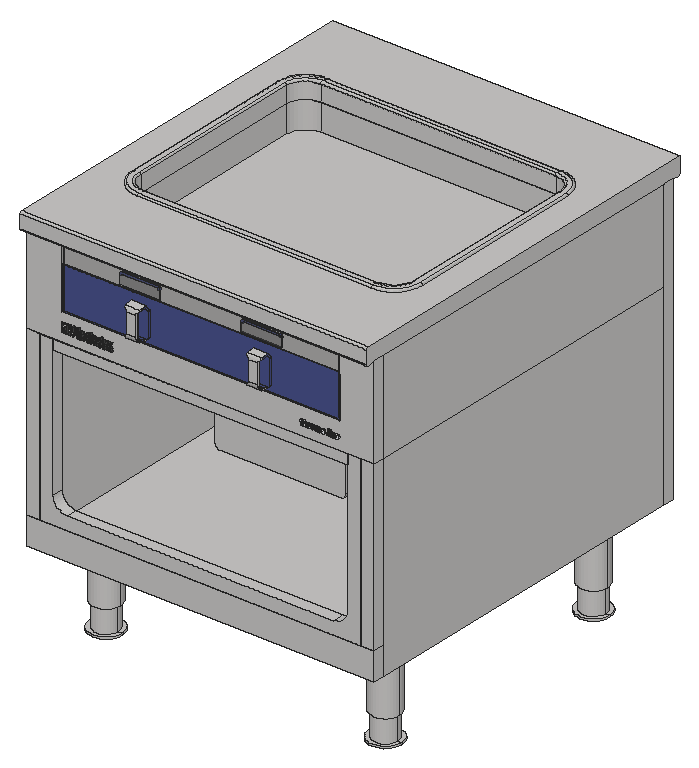
Revit family "QF_ELECTROLUXPROFESSIONAL_589819_MCAHEAH1DM", category Attrezzature speciali, Revit 2021
Family settings
  Quota connettore circolare = Usa diametro
  Tipo di parte = Normale
  Basato su piano di lavoro = No
  Sempre verticale = Sì
  Taglio con vuoti quando caricato = No
  Condiviso = No
  Punto di calcolo locali = No
Parameters (values of type "Standard")
  Weight = 150.00 kg
  Watts = 10200 W
  Volts = 440 V
  URL Manufacturer = "https://www.electroluxprofessional.com/"
  URL = "https://www.electroluxprofessional.com/"
  Steam Supply Size = 0"
  Steam Supply Minimum Pressure = 0.00 psi
  Steam Supply Maximum Pressure = 0.00 psi
  Steam Consumption per Hour = 0
  Refrigeration Suction Line Size = 0 mm
  Refrigeration Liquid Line Size = 0 mm
  Refrigerant Compressor Remote = yes
  Prospetto di default = 0 mm
  Phase = 3
  Modello = "MCAHEAH1DM"
  Produttore = "Electrolux Professional"
  Length Actual = 800 mm  # constant formula
  Item Number = "589819"
  Hot Water Size = 0"
  Height Actual = 700 mm  # constant formula
  HP = "13.7 HP"
  Gas Size = 0"
  Gas KW = 0
  Gas Input Pressure = 0.0 Btu/h
  Direct Waste Size = 0"
  Descrizione = "MULTIBRAISER 2/1GN,1S,800X900X700-H3-MAR"
  Depth Actual = 900 mm  # constant formula
  Cycle = 50 Hz
  Condensate Return Size = 0"
  Compressed Air Volume = 0 GPM
  Compressed Air Size = 0"
  Compressed Air Pressure = 0.00 psi
  Cold Water Size = 0"
  Accessory = yes
Reference planes
  plane 1 "BACK": y = 0
  plane 2: z = 0
  plane 3 "LEFT": x = 0
  plane 4 "RIGHT": x = 800
  plane 5 "FRONT": y = -900
  plane 6 "TOP": z = 900
  plane 7 "Center (Left/Right)": x = 400
  plane 8 "Center (Front/Back)": y = -425
  plane 9: y = -150
  plane 10: y = -65
  plane 11: y = -840
  plane 12 "EIY": y = -685
  plane 13: z = 938
  plane 14 "BaseTop": z = 650
  plane 15: y = -855
  plane 16 "Camino": y = -50
  plane 17 "EIx": x = 755
  plane 18: z = 1131
  plane 19 "PlaneRibbed": through (-6096, -65, 890) normal (0, -0.0251, 0.9997)
  plane 20 "Base": z = 200
Forms (mm)
  Extrusion 1, solid, material "QF_Finishes_Stainless Steel"
    sketch origin (-178.969, -4572, 100) x (-1, 0, 0) y (0, -1, 0)
      loop
        line (-178.969, -4527) -> (-178.969, -3717) -> (-978.969, -3717) -> (-978.969, -4527) -> (-178.969, -4527)
    from 550 to 762.969
  Extrusion 2, solid, material "QF_Finishes_Stainless Steel"
    sketch origin (400, 296.4, 1219.2) x (0, 1, 0) y (0, 0, 1)
      loop
        line (-296.4, -319.2) -> (-1191.4, -319.2)
        arc (-1191.4, -319.2) -> (-1194.935, -320.664) -> (-1196.4, -324.2) r 5
        line (-1196.4, -324.2) -> (-1196.4, -355.2)
        arc (-1196.4, -355.2) -> (-1194.971, -358.264) -> (-1191.705, -359.139) r 4
        line (-1191.705, -359.139) -> (-1176.4, -356.231) -> (-316.4, -356.231) -> (-301.094, -359.139)
        arc (-301.094, -359.139) -> (-297.829, -358.264) -> (-296.4, -355.2) r 4
        line (-296.4, -355.2) -> (-296.4, -319.2)
    from -400 to 400
  Extrusion 3, void
    sketch origin (0, -30, 900) x (-1, 0, 0) y (0, -1, 0)
      loop
        arc (-130, 165) -> (-98.18, 178.18) -> (-85, 210) r 45
        line (-85, 210) -> (-85, 630)
        arc (-85, 630) -> (-98.18, 661.82) -> (-130, 675) r 45
        line (-130, 675) -> (-670, 675)
        arc (-670, 675) -> (-701.82, 661.82) -> (-715, 630) r 45
        line (-715, 630) -> (-715, 210)
        arc (-715, 210) -> (-701.82, 178.18) -> (-670, 165) r 45
        line (-670, 165) -> (-130, 165)
    from 0 to -100
  Extrusion 4, solid, material "QF_Finishes_Stainless Steel"
    sketch origin (0, -50, 200) x (-1, 0, 0) y (0, -1, 0)
      loop
        circle (-755, 635) r 10.1
    from 0 to -10
  Extrusion 5, void
    sketch origin (568.053, 99, 900) x (-1, 0, 0) y (0, -1, 0)
      loop
        circle (-94.991, 746) r 31.6
    from -250 to 0
  Extrusion 6, solid, material "QF_Finishes_Stainless Steel"
    sketch origin (111.908, -425, 0) x (-1, 0, 0) y (0, 0, 1)
      loop
        line (-264.372, 616.232) -> (-236.622, 616.232)
        arc (-236.622, 616.232) -> (-235.738, 615.866) -> (-235.372, 614.982) r 1.25
        line (-235.372, 614.982) -> (-235.372, 584.482)
        arc (-235.372, 584.482) -> (-235.738, 583.598) -> (-236.622, 583.232) r 1.25
        line (-236.622, 583.232) -> (-249.372, 583.232) -> (-249.372, 582.232) -> (-236.622, 582.232)
        arc (-236.622, 582.232) -> (-235.031, 582.891) -> (-234.372, 584.482) r 2.25
        line (-234.372, 584.482) -> (-234.372, 614.982)
        arc (-234.372, 614.982) -> (-235.031, 616.573) -> (-236.622, 617.232) r 2.25
        line (-236.622, 617.232) -> (-264.372, 617.232) -> (-264.372, 616.232)
      loop
        line (-537.372, 616.232) -> (-537.372, 617.232) -> (-565.122, 617.232)
        arc (-565.122, 617.232) -> (-566.713, 616.573) -> (-567.372, 614.982) r 2.25
        line (-567.372, 614.982) -> (-567.372, 584.482)
        arc (-567.372, 584.482) -> (-566.713, 582.891) -> (-565.122, 582.232) r 2.25
        line (-565.122, 582.232) -> (-552.372, 582.232) -> (-552.372, 583.232) -> (-565.122, 583.232)
        arc (-565.122, 583.232) -> (-566.006, 583.598) -> (-566.372, 584.482) r 1.25
        line (-566.372, 584.482) -> (-566.372, 614.982)
        arc (-566.372, 614.982) -> (-566.006, 615.866) -> (-565.122, 616.232) r 1.25
        line (-565.122, 616.232) -> (-537.372, 616.232)
    from -365 to 360
  Extrusion 7, solid, material "QF_Finishes_Stainless Steel"
    sketch origin (111.908, -425, 0) x (-1, 0, 0) y (0, 0, 1)
      loop
        line (-249.872, 583.232) -> (-238.372, 583.232) -> (-238.372, 584.232) -> (-244.372, 590.232) -> (-557.372, 590.232) -> (-563.372, 584.232) -> (-563.372, 583.232) -> (-551.872, 583.232) -> (-551.872, 501.232)
        arc (-551.872, 501.232) -> (-548.65, 493.454) -> (-540.872, 490.232) r 11
        line (-540.872, 490.232) -> (-260.872, 490.232)
        arc (-260.872, 490.232) -> (-253.094, 493.454) -> (-249.872, 501.232) r 11
        line (-249.872, 501.232) -> (-249.872, 583.232)
    from -365 to 360
  Extrusion 8, void
    sketch origin (111.908, -425, 0) x (-1, 0, 0) y (0, 0, 1)
      loop
        line (-254.872, 501.232) -> (-254.872, 590.232) -> (-546.872, 590.232) -> (-546.872, 506.232)
        arc (-546.872, 506.232) -> (-543.65, 498.454) -> (-535.872, 495.232) r 11
        line (-535.872, 495.232) -> (-260.872, 495.232)
        arc (-260.872, 495.232) -> (-256.629, 496.99) -> (-254.872, 501.232) r 6
    from -350 to 355
  Extrusion 9, solid, material "QF_Finishes_Stainless Steel"
    sketch origin (0, -425, 0) x (-1, 0, 0) y (0, 0, 1)
      loop
        line (-690, 617.232) -> (-109.949, 617.232) -> (-109.949, 627) -> (-690, 627) -> (-690, 617.232)
    from -365 to -351.075
  Extrusion 10, solid, material "QF_Finishes_Stainless Steel"
    sketch origin (400, 296.4, 1219.2) x (0, 1, 0) y (0, 0, 1)
      loop
        line (-341.4, -1019.2) -> (-316.4, -1019.2) -> (-316.4, -356.231) -> (-341.4, -356.231) -> (-341.4, -1019.2)
    from -400 to 400
  Sweep 11, solid, material "QF_Finishes_Stainless Steel"
    path origin (0, 0, 900) x (-1, 0, 0) y (0, -1, 0)
      loop
        line (-85, 240) -> (-85, 660)
        arc (-85, 660) -> (-98.18, 691.82) -> (-130, 705) r 45
        line (-130, 705) -> (-670, 705)
        arc (-670, 705) -> (-701.82, 691.82) -> (-715, 660) r 45
        line (-715, 660) -> (-715, 240)
        arc (-715, 240) -> (-701.82, 208.18) -> (-670, 195) r 45
        line (-670, 195) -> (-130, 195)
        arc (-130, 195) -> (-98.18, 208.18) -> (-85, 240) r 45
    profile origin (85, -450, 900) x (1, 0, 0) y (0, 0, 1)
      loop
        arc (0, 0) -> (-1.172, 2.828) -> (-4, 4) r 4
        line (-4, 4) -> (-15, 4)
        arc (-15, 4) -> (-17.828, 2.828) -> (-19, 0) r 4
        line (-19, 0) -> (0, 0)
  Extrusion 12, void
    sketch origin (0, -30, 900) x (-1, 0, 0) y (0, -1, 0)
      loop
        arc (-130, 165) -> (-98.18, 178.18) -> (-85, 210) r 45
        line (-85, 210) -> (-85, 630)
        arc (-85, 630) -> (-98.18, 661.82) -> (-130, 675) r 45
        line (-130, 675) -> (-670, 675)
        arc (-670, 675) -> (-701.82, 661.82) -> (-715, 630) r 45
        line (-715, 630) -> (-715, 210)
        arc (-715, 210) -> (-701.82, 178.18) -> (-670, 165) r 45
        line (-670, 165) -> (-130, 165)
    from 0 to -100
Cuts and joins
  Extrusion 3, Extrusion 5, Extrusion 12 cuts Extrusion 2
  Extrusion 8 cuts Extrusion 7
  Extrusion 5, Extrusion 12 cuts Extrusion 1
Lines and regions (mm)
  symbolic lines
    curve 1: line (0, 0, 100) -> (800, 0, 100)
    curve 2: line (0, -900, 100) -> (0, 0, 100)
    curve 3: line (800, -900, 100) -> (0, -900, 100)
    curve 4: line (800, 0, 100) -> (800, -900, 100)
    curve 5: circle (663.019, -647, 900) r 31.6 normal (0, 0, 1)
    curve 6: arc (130, -195, 900) -> (98.18, -208.18, 900) -> (85, -240, 900) r 45
    curve 7: arc (130, -176, 900) -> (84.745, -194.745, 900) -> (66, -240, 900) r 64
    curve 8: line (670, -195, 900) -> (130, -195, 900)
    curve 9: line (670, -176, 900) -> (130, -176, 900)
    curve 10: line (85, -240, 900) -> (85, -660, 900)
    curve 11: line (66, -240, 900) -> (66, -660, 900)
    curve 12: arc (66, -660, 900) -> (84.745, -705.255, 900) -> (130, -724, 900) r 64
    curve 13: arc (85, -660, 900) -> (98.18, -691.82, 900) -> (130, -705, 900) r 45
    curve 14: line (130, -724, 900) -> (670, -724, 900)
    curve 15: line (130, -705, 900) -> (670, -705, 900)
    curve 16: arc (670, -724, 900) -> (715.255, -705.255, 900) -> (734, -660, 900) r 64
    curve 17: arc (670, -705, 900) -> (701.82, -691.82, 900) -> (715, -660, 900) r 45
    curve 18: line (734, -660, 900) -> (734, -240, 900)
    curve 19: line (715, -660, 900) -> (715, -240, 900)
    curve 20: arc (715, -240, 900) -> (701.82, -208.18, 900) -> (670, -195, 900) r 45
    curve 21: arc (734, -240, 900) -> (715.255, -194.745, 900) -> (670, -176, 900) r 64
Dimensions and locks
  plane 3 "LEFT" to plane 4 "RIGHT" = 800 mm
  plane 5 "FRONT" to plane 1 "BACK" = 900 mm
  plane 3 "LEFT" to plane 7 "Center (Left/Right)" to plane 4 "RIGHT" = 400 mm, 400 mm
  plane 5 "FRONT" to plane 8 "Center (Front/Back)" to plane 1 "BACK" = 475 mm, 425 mm
  plane 6 "TOP" to level = 900 mm  (x2)
  plane 1 "BACK" to plane 9 = 150 mm
  plane 12 "EIY" to plane 1 "BACK" = 685 mm
  plane 13 to plane 6 "TOP" = 38 mm
  plane 10 to plane 1 "BACK" = 65 mm
  plane 5 "FRONT" to plane 11 = 60 mm
  locked: plane 6 "TOP" to plane 14 "BaseTop" at 250
  locked: plane 15 to plane 5 "FRONT" at 45
  plane 16 "Camino" to plane 1 "BACK" = 50 mm
  plane 17 "EIx" to plane 4 "RIGHT" = 45 mm
  plane 18 to plane 6 "TOP" = 231 mm
  plane 20 "Base" to level = 200 mm
  aligned and locked: level to plane 2
  aligned and locked: cut or joined group of Extrusion 2, Extrusion 3, Extrusion 5, Extrusion 12 to plane 3 "LEFT"
  aligned and locked: cut or joined group of Extrusion 2, Extrusion 3, Extrusion 5, Extrusion 12 to plane 4 "RIGHT"
  aligned and locked: nested 1 to plane 15
  aligned and locked: Extrusion 1 to plane 15
  aligned and locked: plane 3 "LEFT" to nested 1
  aligned and locked: Extrusion 1 to nested 2
  aligned and locked: nested 4 to plane 9
  aligned and locked: nested 3 to plane 9
Nested families
  nested 1: "Front_Panel_W800_2 Knobs" at (202.376, -855, 0), type "Front_Panel_W800_2 Knobs"
  nested 2: "QF_ELECTROLUXPROFESSIONAL_589819_BASE" at (0, 0, 0), type "QF_ELECTROLUXPROFESSIONAL_589819_BASE"
    with Type Mark "", Specification by User "", Revision Code "", Item Number "", Installed By "", Identify Quantity as Lot yes, Furnished By "", Foodservice Equipment Identifier yes
  nested 3: "FEET200_MARINE" at (722, -150, 0), type "FEET200_MARINE"
  nested 4: "FEET200_MARINE" at (78, -150, 0), type "FEET200_MARINE"
  nested 5: "FEET200_MARINE" at (722, -750, 0), type "FEET200_MARINE"
  nested 6: "FEET200_MARINE" at (78, -750, 0), type "FEET200_MARINE"
Connectors
  electrical at (755, -685, 190), driven by "Volts"
    settings: on Extrusion 4, index 1, voltage 440 V, apparent load 0 VA, apparent load phase1 0 VA, apparent load phase2 0 VA, apparent load phase3 0 VA, power factor 1, load classification "Other", number of poles 1, system type 30, power factor state 1, is connector primary yes, connector utility no, sub classification motor no, connector description "Electrical Connection"
Definition of nested family "Front_Panel_W800_2 Knobs"
  Parameters
    Default Elevation = 0 mm
  Reference planes
    plane 1 "Center (Front/Back)": y = 0
    plane 2: z = 0
    plane 3 "Center (Left/Right)": x = 197.624
    plane 4 "Left": x = -202.376
    plane 5 "Right": x = 597.624
    plane 6: y = -45
    plane 7: x = 127.624
    plane 8: x = 57.624
    plane 9: x = 337.624
    plane 10: x = 517.624
    plane 11: x = -122.376
    plane 12 "Panel": y = -25
  Forms (mm)
    Extrusion 1, solid
      sketch origin (833.217, 829.203, -1.25) x (0, 1, 0) y (0, 0, 1)
        loop
          line (-854.203, 651.25) -> (-829.203, 651.25) -> (-829.203, 864.25) -> (-854.203, 864.25) -> (-854.203, 651.25)
      from -1035.593 to -235.593
    Extrusion 2, void
      sketch origin (0, 0, 0) x (1, 0, 0) y (0, 0, 1)
        loop
          line (-122.376, 853.866) -> (-122.376, 711.866) -> (517.624, 711.866) -> (517.624, 853.866) -> (-122.376, 853.866)
      from 19.387 to 33.951
  Cuts and joins
    Extrusion 2 cuts Extrusion 1
  Dimensions and locks
    equal spacing: plane 5 "Right", plane 3 "Center (Left/Right)", plane 4 "Left"
    plane 5 "Right" to plane 4 "Left" = 800 mm
    plane 3 "Center (Left/Right)" to plane 7 = 70 mm
    plane 9 to plane 3 "Center (Left/Right)" = 140 mm
    plane 3 "Center (Left/Right)" to plane 8 = 140 mm
    aligned and locked: cut or joined group of Extrusion 1, Extrusion 2 to plane 4 "Left"
    aligned and locked: plane 5 "Right" to cut or joined group of Extrusion 1, Extrusion 2
    aligned and locked: plane 3 "Center (Left/Right)" to nested 1
    aligned and locked: cut or joined group of Extrusion 1, Extrusion 2 to nested 1
    aligned and locked: nested 5 to plane 11
  Automatic sketch dimensions
    Extrusion 1 sketch curve to plane 1 "Center (Front/Back)" = 0 mm
    level to Extrusion 1 sketch curve = 650 mm
    plane 4 "Left" to Extrusion 2 sketch curve = 80 mm
    Extrusion 2 sketch curve to plane 5 "Right" = 80 mm
    level to Extrusion 2 sketch curve = 711.866 mm
    Extrusion 2 sketch curve to Extrusion 2 sketch curve = 142 mm
    Extrusion 1 sketch curve to plane 6 = 20 mm
    Extrusion 1 sketch curve to Extrusion 1 sketch curve = 213 mm
  Nested families
    nested 1: "Front glass control panel W800_Two" at (197.624, 280.644, 2.752), type "Front glass control panel W800_Two"
    nested 2: "Range Control Handle" at (57.851, -28.137, -209.113) x (-1, 0, 0) z (0, 0, 1), type "Range Control Handle"
    nested 3: "Range Control Handle" at (337.624, -28.137, -209.113), type "Range Control Handle"
    nested 4: "ELX_ThermaLine_Small" at (469.031, -25, 679.402) x (1, 0, 0) z (0, -1, 0), type "ELX_ThermaLine_Small"
      with Show Logo yes, Material_Logo none
    nested 5: "ELX_Professional_Logo_Small" at (-62.89, -25, 681.634) x (1, 0, 0) z (0, -1, 0), type "ELX_Professional_Logo_Small"
      with Show Logo yes, Material_Logo none
  Definition of nested family "Front glass control panel W800_Two"
    Parameters
      Default Elevation = 0 mm
    Reference planes
      plane 1 "Center (Front/Back)": y = 0
      plane 2: z = 0
      plane 3 "Center (Left/Right)": x = 0
      plane 4: x = -140
      plane 5: x = 140
    Forms (mm)
      Extrusion 1, solid
        sketch origin (378.286, 0, 0.617) x (1, 0, 0) y (0, 0, 1)
          loop
            line (-698.286, 806.791) -> (-698.286, 708.497) -> (-58.286, 708.497) -> (-58.286, 806.791) -> (-698.286, 806.791)
        from 300.031 to 304.8
      Extrusion 2, solid
        sketch origin (378.286, 0, 0.617) x (1, 0, 0) y (0, 0, 1)
          loop
            line (-698.286, 850.497) -> (-698.286, 806.791) -> (-58.286, 806.791) -> (-58.286, 850.497) -> (-698.286, 850.497)
        from 300.031 to 304.8
      Extrusion 3, void
        sketch origin (378.286, 0, 0.617) x (1, 0, 0) y (0, 0, 1)
          loop
            line (-695.628, 847.565) -> (-695.628, 710.699) -> (-61.196, 710.699) -> (-61.196, 847.565) -> (-695.628, 847.565)
        from 303.697 to 304.8
      Extrusion 4, solid
        sketch origin (-448.309, 1.101, -0.633) x (-1, 0, 0) y (0, 0, -1)
          loop
            line (-261.431, -812.62) -> (-355.186, -812.62) -> (-355.186, -834.177) -> (-350.269, -834.177) -> (-348.469, -835.977) -> (-268.039, -835.977) -> (-266.24, -834.177) -> (-261.431, -834.177) -> (-261.431, -812.62)
        from 304.798 to 306.745
      Extrusion 5, solid
        sketch origin (-448.309, 1.101, -0.633) x (-1, 0, 0) y (0, 0, -1)
          loop
            line (-350.269, -834.177) -> (-355.078, -834.177)
            arc (-355.078, -834.177) -> (-353.942, -838.747) -> (-349.686, -840.763) r 5.5
            line (-349.686, -840.763) -> (-266.98, -840.763)
            arc (-266.98, -840.763) -> (-262.706, -838.752) -> (-261.529, -834.177) r 5.549
            line (-261.529, -834.177) -> (-266.24, -834.177) -> (-268.039, -835.977) -> (-348.469, -835.977) -> (-350.269, -834.177)
        from 304.798 to 306.745
      Extrusion 6, solid
        sketch origin (448.309, 1.101, -0.633) x (1, 0, 0) y (0, 0, 1)
          loop
            line (-261.431, 812.62) -> (-261.431, 834.177) -> (-266.24, 834.177) -> (-268.039, 835.977) -> (-348.469, 835.977) -> (-350.269, 834.177) -> (-355.186, 834.177) -> (-355.186, 812.62) -> (-261.431, 812.62)
        from 304.798 to 306.745
      Extrusion 7, solid
        sketch origin (448.309, 1.101, -0.633) x (1, 0, 0) y (0, 0, 1)
          loop
            line (-350.269, 834.177) -> (-348.469, 835.977) -> (-268.039, 835.977) -> (-266.24, 834.177) -> (-261.529, 834.177)
            arc (-261.529, 834.177) -> (-262.706, 838.752) -> (-266.98, 840.763) r 5.549
            line (-266.98, 840.763) -> (-349.686, 840.763)
            arc (-349.686, 840.763) -> (-353.942, 838.747) -> (-355.078, 834.177) r 5.5
            line (-355.078, 834.177) -> (-350.269, 834.177)
        from 304.798 to 306.745
    Cuts and joins
      Extrusion 3 cuts Extrusion 1
      Extrusion 3 cuts Extrusion 2
    Dimensions and locks
      plane 3 "Center (Left/Right)" to plane 4 = 140 mm
      plane 5 to plane 3 "Center (Left/Right)" = 140 mm
      aligned and locked: Extrusion 1 to Extrusion 2
      aligned and locked: Extrusion 5 sketch curve to Extrusion 4  (x5)
      aligned and locked: Extrusion 5 to Extrusion 4
      aligned and locked: Extrusion 7 sketch curve to Extrusion 6  (x4)
      aligned and locked: Extrusion 6 to Extrusion 7 sketch curve
      aligned and locked: Extrusion 7 to Extrusion 6
  Definition of nested family "Range Control Handle"
    Parameters
      Default Elevation = 0 mm
    Reference planes
      plane 1 "Center (Front/Back)": y = 0
      plane 2: z = 0
      plane 3 "Center (Left/Right)": x = 0
      plane 4: z = 971.092
      plane 5: y = -16.9
    Forms (mm)
      Extrusion 1, solid
        sketch origin (-746.28, 380.497, 208.931) x (-1, 0, 0) y (0, 0, 1)
          loop
            line (-770.101, 786.798) -> (-770.101, 731.649)
            arc (-770.101, 731.649) -> (-769.759, 730.563) -> (-768.855, 729.87) r 1.893
            line (-768.855, 729.87) -> (-763.474, 727.911) -> (-729.81, 727.911) -> (-724.428, 729.87)
            arc (-724.428, 729.87) -> (-723.525, 730.563) -> (-723.183, 731.649) r 1.893
            line (-723.183, 731.649) -> (-723.183, 786.798)
            arc (-723.183, 786.798) -> (-723.529, 787.894) -> (-724.44, 788.593) r 1.91
            line (-724.44, 788.593) -> (-729.683, 790.819) -> (-763.601, 790.819) -> (-768.844, 788.593)
            arc (-768.844, 788.593) -> (-769.755, 787.894) -> (-770.101, 786.798) r 1.91
        from -382.35 to -378.852
      Sweep 2, solid
        path origin (-746.788, 380.496, 208.091) x (0, -1, 0) y (0, 0, 1)
          loop
            line (379.775, 793.281) -> (395.661, 791.048)
            arc (395.661, 791.048) -> (397.781, 787.377) -> (398.517, 783.202) r 12.207
            line (398.517, 783.202) -> (398.517, 737.368)
            arc (398.517, 737.368) -> (397.781, 733.193) -> (395.661, 729.522) r 12.207
            line (395.661, 729.522) -> (379.775, 727.289)
        profile origin (-746.788, -7.222, 1000.256) x (0, -0.139173, 0.990268) y (-1, 0, 0)
          loop
            line (0.782, -763.123) -> (0.782, -730.907) -> (-1.322, -730.907) -> (-1.322, -763.123) -> (0.782, -763.123)
      Sweep 3, solid
        path origin (-746.788, 380.715, 207.832) x (0, -1, 0) y (0, 0, 1)
          loop
            line (380.478, 795.442) -> (397.218, 793.09)
            arc (397.218, 793.09) -> (399.929, 788.473) -> (400.871, 783.202) r 15.207
            line (400.871, 783.202) -> (400.871, 737.584)
            arc (400.871, 737.584) -> (399.914, 732.274) -> (397.164, 727.633) r 15.207
            line (397.164, 727.633) -> (380.601, 725.305)
        profile origin (-746.788, -8.132, 1002.099) x (0, -0.139173, 0.990268) y (-1, 0, 0)
          loop
            line (0.782, -763.123) -> (0.782, -730.907) -> (-1.322, -730.907) -> (-1.322, -763.123) -> (0.782, -763.123)
      Extrusion 4, void
        sketch origin (889.253, 220.666, 207.993) x (1, 0, 0) y (0, 0, 1)
          loop
            line (-943.038, 816.854) -> (-943.038, 703.686) -> (-899.466, 734.196) -> (-899.466, 786.344) -> (-943.038, 816.854)
        from 230.636 to 242.25
      Extrusion 5, void
        sketch origin (-888.8, 220.666, 207.993) x (-1, 0, 0) y (0, 0, -1)
          loop
            line (-943.038, -816.854) -> (-899.466, -786.344) -> (-899.466, -734.196) -> (-943.038, -703.686) -> (-943.038, -816.854)
        from 230.636 to 242.25
      Extrusion 6, solid
        sketch origin (0, 0, 0) x (1, 0, 0) y (0, 0, 1)
          loop
            circle (0, 971.092) r 7.736
        from -3.137 to -1.645
    Cuts and joins
      Extrusion 4, Extrusion 5 cuts Sweep 3
      Extrusion 4, Extrusion 5 cuts Sweep 2
      joined: Extrusion 1, Extrusion 6
    Lines and regions (mm)
      symbolic lines
        curve 1: line (16.334, -16.9, 0) -> (16.334, -19.227, 0)
        curve 2: spline (16.334, -19.227, 0) -> (15.87, -19.385, 0) -> (15.404, -19.536, 0) -> (14.936, -19.678, 0) -> (14.466, -19.813, 0) -> (13.995, -19.94, 0) -> (13.523, -20.059, 0) -> (13.049, -20.171, 0) -> (12.575, -20.274, 0) -> (12.099, -20.37, 0) -> (11.622, -20.458, 0) -> (11.144, -20.537, 0) -> (10.666, -20.609, 0)
        curve 3: line (10.666, -16.9, 0) -> (10.666, -20.938, 0)
        curve 4: line (-10.213, -20.938, 0) -> (10.666, -20.938, 0)
        curve 5: line (-10.213, -20.938, 0) -> (-10.213, -16.9, 0)
        curve 6: spline (-10.213, -20.609, 0) -> (-10.691, -20.537, 0) -> (-11.169, -20.458, 0) -> (-11.646, -20.37, 0) -> (-12.122, -20.274, 0) -> (-12.597, -20.171, 0) -> (-13.07, -20.059, 0) -> (-13.542, -19.94, 0) -> (-14.013, -19.813, 0) -> (-14.483, -19.678, 0) -> (-14.951, -19.536, 0) -> (-15.417, -19.385, 0) -> (-15.881, -19.227, 0)
        curve 7: line (-15.881, -19.227, 0) -> (-15.881, -16.9, 0)
  Definition of nested family "ELX_ThermaLine_Small"
    Parameters
      Show Logo [instance] = yes
      Material_Logo [instance] = none
      Default Elevation = 0 mm
    Reference planes
      plane 1 "Centro (Fronte/Retro)": y = 0
      plane 2: z = 0
      plane 3 "Centro (Sinistra/Destra)": x = 0
    Forms (mm)
      Extrusion 1, solid
        sketch origin (0, 0, 0) x (1, 0, 0) y (0, 1, 0)
          loop
            line (-1219.2, 1219.2) -> (-1219.2, -1219.2) -> (1219.2, -1219.2) -> (1219.2, 1219.2) -> (-1219.2, 1219.2)
        from 0 to -304.8
      Extrusion 2, solid
        sketch origin (0, 0, 0) x (1, 0, 0) y (0, 1, 0)
          loop
            line (-37.494, 1.229) -> (-35.908, 1.229) -> (-35.908, 3.066) -> (-37.494, 3.066) -> (-37.494, 6.221) -> (-39.867, 4.881) -> (-39.867, 3.066) -> (-40.969, 3.066) -> (-40.969, 1.229) -> (-39.867, 1.229) -> (-39.867, -3.407)
            arc (-39.867, -3.407) -> (-38.982, -5.513) -> (-36.751, -6.001) r 2.478
            line (-36.751, -6.001) -> (-35.638, -5.7) -> (-35.9, -3.835) -> (-36.661, -4.039)
            arc (-36.661, -4.039) -> (-37.236, -3.924) -> (-37.494, -3.399) r 0.662
            line (-37.494, -3.399) -> (-37.494, 1.229)
          loop
            line (-34.242, 6.539) -> (-34.242, -5.848) -> (-31.854, -5.848) -> (-31.854, -0.078)
            arc (-31.854, -0.078) -> (-30.939, 1.249) -> (-29.33, 1.367) r 1.866
            arc (-29.33, 1.367) -> (-28.695, 0.768) -> (-28.461, -0.073) r 1.627
            line (-28.461, -0.073) -> (-28.461, -5.848) -> (-26.086, -5.848) -> (-26.064, -0.46)
            arc (-26.064, -0.46) -> (-26.261, 0.932) -> (-26.786, 2.237) r 5.825
            arc (-26.786, 2.237) -> (-29.381, 3.264) -> (-31.854, 1.971) r 3.353
            line (-31.854, 1.971) -> (-31.854, 6.539) -> (-34.242, 6.539)
          loop
            arc (-18.398, -0.598) -> (-18.893, 0.879) -> (-20.326, 1.487) r 1.897
            arc (-20.326, 1.487) -> (-21.461, 0.708) -> (-21.897, -0.598) r 2.164
            line (-21.897, -0.598) -> (-18.398, -0.598)
          loop
            arc (-16.021, -2.044) -> (-16.754, 1.227) -> (-19.444, 3.226) r 4.814
            arc (-19.444, 3.226) -> (-22.137, 2.788) -> (-23.943, 0.743) r 4.054
            arc (-23.943, 0.743) -> (-24.382, -1.249) -> (-24.162, -3.276) r 6.289
            arc (-24.162, -3.276) -> (-23.302, -4.71) -> (-21.958, -5.705) r 4.28
            arc (-21.958, -5.705) -> (-18.558, -5.814) -> (-16.152, -3.409) r 4.28
            line (-16.152, -3.409) -> (-18.5, -2.995)
            arc (-18.5, -2.995) -> (-19.273, -3.994) -> (-20.533, -4.076) r 1.536
            arc (-20.533, -4.076) -> (-21.56, -3.281) -> (-21.958, -2.044) r 2.197
            line (-21.958, -2.044) -> (-16.021, -2.044)
          loop
            line (-14.165, -5.848) -> (-11.819, -5.848) -> (-11.819, -2.138)
            arc (-11.819, -2.138) -> (-11.787, -1.156) -> (-11.637, -0.185) r 8.18
            arc (-11.637, -0.185) -> (-10.644, 0.972) -> (-9.132, 0.776) r 1.603
            line (-9.132, 0.776) -> (-8.419, 2.846)
            arc (-8.419, 2.846) -> (-10.432, 3.118) -> (-11.994, 1.821) r 2.527
            line (-11.994, 1.821) -> (-11.994, 3.094) -> (-14.165, 3.094) -> (-14.165, -5.848)
          loop
            line (-7.579, 3.094) -> (-7.579, -5.848) -> (-5.178, -5.848) -> (-5.178, -0.756)
            arc (-5.178, -0.756) -> (-4.727, 0.679) -> (-3.417, 1.419) r 2.05
            arc (-3.417, 1.419) -> (-2.499, 0.908) -> (-2.155, -0.085) r 1.471
            line (-2.155, -0.085) -> (-2.155, -5.848) -> (0.23, -5.848) -> (0.23, -1.001)
            arc (0.23, -1.001) -> (0.47, 0.127) -> (1.148, 1.061) r 2.775
            arc (1.148, 1.061) -> (2.225, 1.329) -> (3.05, 0.587) r 1.182
            arc (3.05, 0.587) -> (3.199, -0.019) -> (3.214, -0.642) r 2.894
            line (3.214, -0.642) -> (3.214, -5.848) -> (5.601, -5.848) -> (5.601, 0.261)
            arc (5.601, 0.261) -> (4.87, 2.263) -> (2.976, 3.241) r 2.932
            arc (2.976, 3.241) -> (1.284, 2.973) -> (-0.047, 1.896) r 3.309
            arc (-0.047, 1.896) -> (-1.116, 2.865) -> (-2.506, 3.258) r 3.16
            arc (-2.506, 3.258) -> (-4.105, 2.942) -> (-5.376, 1.92) r 3.419
            line (-5.376, 1.92) -> (-5.376, 3.094) -> (-7.579, 3.094)
          loop
            line (7.583, 0.738) -> (9.702, 0.364)
            arc (9.702, 0.364) -> (11.441, 1.492) -> (12.855, -0.023) r 1.613
            line (12.855, -0.023) -> (9.782, -0.789)
            arc (9.782, -0.789) -> (8.559, -1.346) -> (7.617, -2.305) r 3.687
            arc (7.617, -2.305) -> (7.499, -3.681) -> (7.901, -5.003) r 3.651
            arc (7.901, -5.003) -> (9.107, -5.766) -> (10.515, -6.006) r 3.635
            arc (10.515, -6.006) -> (11.898, -5.697) -> (13.067, -4.895) r 3.734
            line (13.067, -4.895) -> (13.376, -5.848) -> (15.75, -5.848) -> (15.212, -4.193) -> (15.212, 0.38)
            arc (15.212, 0.38) -> (14.897, 1.849) -> (13.818, 2.895) r 2.585
            arc (13.818, 2.895) -> (11.792, 3.442) -> (9.719, 3.11) r 5.005
            arc (9.719, 3.11) -> (8.369, 2.178) -> (7.583, 0.738) r 3.54
          loop
            line (19.723, -5.848) -> (22.233, -5.848) -> (24.854, 6.484) -> (22.345, 6.484) -> (19.723, -5.848)
          loop
            line (24.583, -5.848) -> (26.953, -5.848) -> (28.848, 3.066) -> (26.478, 3.066) -> (24.583, -5.848)
          loop
            line (27.204, 6.484) -> (26.741, 4.305) -> (29.111, 4.305) -> (29.575, 6.484) -> (27.204, 6.484)
          loop
            line (29.355, -5.848) -> (31.849, -5.848) -> (33.098, 0.028)
            arc (33.098, 0.028) -> (34.169, 1.306) -> (35.832, 1.422) r 2.132
            arc (35.832, 1.422) -> (36.324, 0.752) -> (36.383, -0.078) r 1.5
            line (36.383, -0.078) -> (35.157, -5.848) -> (37.536, -5.848) -> (38.936, 0.738)
            arc (38.936, 0.738) -> (38.775, 2.091) -> (37.825, 3.066) r 2.118
            arc (37.825, 3.066) -> (35.392, 3.175) -> (33.295, 1.937) r 4.271
            line (33.295, 1.937) -> (33.535, 3.066) -> (31.25, 3.066) -> (29.355, -5.848)
          loop
            line (42.792, -0.64) -> (46.589, -0.64)
            arc (46.589, -0.64) -> (46.639, 0.124) -> (46.327, 0.823) r 1.589
            arc (46.327, 0.823) -> (45.117, 1.521) -> (43.762, 1.183) r 1.865
            arc (43.762, 1.183) -> (43.141, 0.344) -> (42.792, -0.64) r 3.538
          loop
            line (42.565, -2.138) -> (48.593, -2.138)
            arc (48.593, -2.138) -> (48.58, 0.597) -> (46.983, 2.818) r 4.494
            arc (46.983, 2.818) -> (44.191, 3.28) -> (41.725, 1.891) r 4.26
            arc (41.725, 1.891) -> (40.503, -0.3) -> (40.284, -2.799) r 6.003
            arc (40.284, -2.799) -> (40.959, -4.468) -> (42.377, -5.576) r 3.482
            arc (42.377, -5.576) -> (44.265, -5.961) -> (46.152, -5.576) r 4.823
            arc (46.152, -5.576) -> (47.432, -4.731) -> (48.328, -3.485) r 4.245
            line (48.328, -3.485) -> (46.168, -3.105)
            arc (46.168, -3.105) -> (45.214, -4.072) -> (43.859, -4.181) r 1.953
            arc (43.859, -4.181) -> (42.821, -3.408) -> (42.565, -2.138) r 1.81
          loop
            line (12.868, -1.553) -> (10.216, -2.214)
            arc (10.216, -2.214) -> (9.747, -3.136) -> (10.216, -4.058) r 1.14
            arc (10.216, -4.058) -> (11.537, -4.249) -> (12.614, -3.46) r 1.763
            arc (12.614, -3.46) -> (12.858, -2.522) -> (12.868, -1.553) r 3.97
        from 0 to 1.6
    Dimensions and locks
      aligned and locked: plane 2 to Extrusion 1
      aligned and locked: level to Extrusion 1
  Definition of nested family "ELX_Professional_Logo_Small"
    Parameters
      Show Logo [instance] = yes
      Material_Logo [instance] = none
      Default Elevation = 0 mm
    Reference planes
      plane 1 "Centro (Fronte/Retro)": y = 0
      plane 2: z = 0
      plane 3 "Centro (Sinistra/Destra)": x = 0
    Forms (mm)
      Extrusion 1, solid
        sketch origin (0, 0, 0) x (1, 0, 0) y (0, 1, 0)
          loop
            line (-1219.2, 1219.2) -> (-1219.2, -1219.2) -> (1219.2, -1219.2) -> (1219.2, 1219.2) -> (-1219.2, 1219.2)
        from 0 to -304.8
      Extrusion 2, solid, material <- "Material_Logo"
        sketch origin (15.5, 0, 0) x (1, 0, 0) y (0, 1, 0)
          loop
            spline (-42.99, -1.24) -> (-43.195, -1.231) -> (-43.415, -1.203) -> (-43.642, -1.152) -> (-43.87, -1.074) -> (-44.095, -0.966) -> (-44.309, -0.825) -> (-44.506, -0.647) -> (-44.681, -0.429) -> (-44.828, -0.167) -> (-44.94, 0.142) -> (-45.011, 0.501) -> (-45.037, 0.915)
            line (-45.037, 0.915) -> (-45.037, 2.748) -> (-38.984, 2.748) -> (-38.984, 5.086) -> (-45.038, 5.086) -> (-45.038, 8.489) -> (-38.599, 8.489) -> (-38.599, 10.82) -> (-47.515, 10.82) -> (-47.515, 1.021)
            spline (-47.515, 1.021) -> (-47.493, 0.418) -> (-47.425, -0.15) -> (-47.311, -0.682) -> (-47.15, -1.175) -> (-46.939, -1.628) -> (-46.678, -2.038) -> (-46.365, -2.404) -> (-46, -2.723) -> (-45.58, -2.995) -> (-45.105, -3.216) -> (-44.573, -3.385) -> (-43.983, -3.499)
            line (-43.983, -3.499) -> (-43.01, -3.569) -> (-38.426, -3.569) -> (-38.426, -1.24) -> (-42.99, -1.24)
          loop
            line (-36.666, 4.021) -> (-36.666, -3.573) -> (-34.188, -3.573) -> (-34.188, 10.824) -> (-36.666, 10.824) -> (-36.666, 4.021)
          loop
            spline (-21.915, 1.897) -> (-21.957, 2.615) -> (-22.082, 3.303) -> (-22.285, 3.955) -> (-22.563, 4.564) -> (-22.913, 5.124) -> (-23.331, 5.629) -> (-23.814, 6.074) -> (-24.359, 6.451) -> (-24.961, 6.755) -> (-25.618, 6.98) -> (-26.326, 7.119) -> (-27.081, 7.167)
            spline (-27.081, 7.167) -> (-27.853, 7.122) -> (-28.586, 6.99) -> (-29.275, 6.774) -> (-29.915, 6.478) -> (-30.5, 6.104) -> (-31.024, 5.657) -> (-31.483, 5.138) -> (-31.871, 4.553) -> (-32.182, 3.904) -> (-32.411, 3.194) -> (-32.552, 2.427) -> (-32.6, 1.606)
            spline (-32.6, 1.606) -> (-32.553, 0.805) -> (-32.416, 0.057) -> (-32.193, -0.637) -> (-31.887, -1.271) -> (-31.504, -1.843) -> (-31.048, -2.35) -> (-30.523, -2.788) -> (-29.934, -3.154) -> (-29.284, -3.444) -> (-28.579, -3.656) -> (-27.822, -3.785) -> (-27.019, -3.829)
            spline (-27.019, -3.829) -> (-26.627, -3.82) -> (-26.239, -3.79) -> (-25.856, -3.739) -> (-25.477, -3.663) -> (-25.103, -3.562) -> (-24.734, -3.432) -> (-24.369, -3.273) -> (-24.01, -3.082) -> (-23.655, -2.858) -> (-23.305, -2.597) -> (-22.96, -2.299) -> (-22.621, -1.962)
            line (-22.621, -1.962) -> (-24.114, -0.509)
            spline (-24.114, -0.509) -> (-24.311, -0.699) -> (-24.509, -0.872) -> (-24.71, -1.03) -> (-24.915, -1.172) -> (-25.126, -1.297) -> (-25.346, -1.407) -> (-25.576, -1.5) -> (-25.817, -1.576) -> (-26.072, -1.636) -> (-26.342, -1.678) -> (-26.629, -1.704) -> (-26.936, -1.713)
            spline (-26.936, -1.713) -> (-27.384, -1.691) -> (-27.805, -1.625) -> (-28.196, -1.518) -> (-28.556, -1.372) -> (-28.882, -1.187) -> (-29.174, -0.966) -> (-29.429, -0.71) -> (-29.645, -0.422) -> (-29.821, -0.102) -> (-29.955, 0.247) -> (-30.045, 0.623) -> (-30.089, 1.026)
            line (-30.089, 1.026) -> (-21.956, 1.026) -> (-21.915, 1.897)
          loop
            spline (-24.446, 2.769) -> (-24.47, 3.075) -> (-24.54, 3.37) -> (-24.654, 3.65) -> (-24.807, 3.913) -> (-24.996, 4.156) -> (-25.219, 4.376) -> (-25.472, 4.57) -> (-25.753, 4.736) -> (-26.057, 4.869) -> (-26.382, 4.968) -> (-26.724, 5.03) -> (-27.081, 5.051)
            spline (-27.081, 5.051) -> (-27.464, 5.03) -> (-27.832, 4.97) -> (-28.183, 4.872) -> (-28.513, 4.74) -> (-28.819, 4.577) -> (-29.099, 4.384) -> (-29.347, 4.165) -> (-29.563, 3.923) -> (-29.742, 3.659) -> (-29.881, 3.377) -> (-29.977, 3.079) -> (-30.027, 2.769)
            line (-30.027, 2.769) -> (-24.446, 2.769)
          loop
            spline (-18.167, 1.669) -> (-18.138, 2.13) -> (-18.055, 2.567) -> (-17.921, 2.978) -> (-17.739, 3.358) -> (-17.512, 3.705) -> (-17.243, 4.016) -> (-16.937, 4.287) -> (-16.596, 4.517) -> (-16.223, 4.7) -> (-15.823, 4.835) -> (-15.398, 4.919) -> (-14.951, 4.947)
            spline (-14.951, 4.947) -> (-14.677, 4.938) -> (-14.414, 4.913) -> (-14.162, 4.871) -> (-13.921, 4.812) -> (-13.69, 4.738) -> (-13.467, 4.649) -> (-13.254, 4.544) -> (-13.048, 4.424) -> (-12.85, 4.291) -> (-12.659, 4.143) -> (-12.474, 3.981) -> (-12.295, 3.806)
            line (-12.295, 3.806) -> (-10.76, 5.403)
            spline (-10.76, 5.403) -> (-11.065, 5.709) -> (-11.38, 5.984) -> (-11.703, 6.228) -> (-12.035, 6.443) -> (-12.375, 6.63) -> (-12.723, 6.788) -> (-13.078, 6.92) -> (-13.44, 7.026) -> (-13.809, 7.107) -> (-14.184, 7.164) -> (-14.564, 7.198) -> (-14.951, 7.209)
            spline (-14.951, 7.209) -> (-15.725, 7.161) -> (-16.467, 7.02) -> (-17.169, 6.792) -> (-17.826, 6.482) -> (-18.43, 6.096) -> (-18.976, 5.637) -> (-19.455, 5.112) -> (-19.862, 4.525) -> (-20.19, 3.882) -> (-20.433, 3.189) -> (-20.584, 2.449) -> (-20.635, 1.669)
            spline (-20.635, 1.669) -> (-20.584, 0.889) -> (-20.433, 0.149) -> (-20.19, -0.545) -> (-19.862, -1.187) -> (-19.455, -1.774) -> (-18.976, -2.299) -> (-18.43, -2.758) -> (-17.826, -3.145) -> (-17.169, -3.454) -> (-16.467, -3.682) -> (-15.725, -3.823) -> (-14.951, -3.871)
            spline (-14.951, -3.871) -> (-14.564, -3.86) -> (-14.184, -3.826) -> (-13.809, -3.77) -> (-13.44, -3.689) -> (-13.078, -3.583) -> (-12.723, -3.451) -> (-12.375, -3.292) -> (-12.035, -3.105) -> (-11.703, -2.89) -> (-11.38, -2.646) -> (-11.065, -2.371) -> (-10.76, -2.066)
            line (-10.76, -2.066) -> (-12.295, -0.468)
            spline (-12.295, -0.468) -> (-12.474, -0.643) -> (-12.659, -0.805) -> (-12.85, -0.953) -> (-13.048, -1.087) -> (-13.254, -1.206) -> (-13.467, -1.311) -> (-13.69, -1.4) -> (-13.921, -1.475) -> (-14.162, -1.533) -> (-14.414, -1.575) -> (-14.677, -1.6) -> (-14.951, -1.609)
            spline (-14.951, -1.609) -> (-15.398, -1.581) -> (-15.823, -1.497) -> (-16.223, -1.362) -> (-16.596, -1.179) -> (-16.937, -0.95) -> (-17.243, -0.678) -> (-17.512, -0.367) -> (-17.739, -0.02) -> (-17.921, 0.36) -> (-18.055, 0.771) -> (-18.138, 1.208) -> (-18.167, 1.669)
          loop
            spline (-4.441, -1.243) -> (-4.659, -1.247) -> (-4.894, -1.23) -> (-5.137, -1.19) -> (-5.384, -1.121) -> (-5.628, -1.021) -> (-5.864, -0.884) -> (-6.084, -0.708) -> (-6.283, -0.488) -> (-6.454, -0.219) -> (-6.592, 0.101) -> (-6.69, 0.478) -> (-6.742, 0.914)
            line (-6.742, 0.914) -> (-6.742, 4.587) -> (-4.487, 4.587) -> (-4.487, 6.838) -> (-6.738, 6.838) -> (-6.738, 10.824) -> (-9.217, 10.824) -> (-9.217, 0.773)
            spline (-9.217, 0.773) -> (-9.164, 0.19) -> (-9.068, -0.358) -> (-8.928, -0.87) -> (-8.742, -1.343) -> (-8.511, -1.777) -> (-8.232, -2.168) -> (-7.904, -2.515) -> (-7.527, -2.816) -> (-7.098, -3.069) -> (-6.618, -3.273) -> (-6.084, -3.426) -> (-5.496, -3.525)
            line (-5.496, -3.525) -> (-4.45, -3.573) -> (-4.441, -1.243)
          loop
            spline (3.898, 6.983) -> (3.469, 7.009) -> (3.056, 7.001) -> (2.661, 6.961) -> (2.283, 6.888) -> (1.925, 6.785) -> (1.588, 6.652) -> (1.272, 6.49) -> (0.979, 6.301) -> (0.71, 6.085) -> (0.465, 5.844) -> (0.247, 5.578) -> (0.056, 5.289)
            line (0.056, 5.289) -> (0.056, 6.838) -> (-2.402, 6.838) -> (-2.402, -3.572) -> (0.056, -3.572) -> (0.056, 1.901)
            spline (0.056, 1.901) -> (0.079, 2.316) -> (0.145, 2.703) -> (0.254, 3.06) -> (0.404, 3.386) -> (0.592, 3.679) -> (0.818, 3.938) -> (1.08, 4.162) -> (1.375, 4.348) -> (1.703, 4.495) -> (2.062, 4.602) -> (2.45, 4.668) -> (2.865, 4.69)
            line (2.865, 4.69) -> (3.898, 4.586) -> (3.898, 6.983)
          loop
            spline (15.638, 1.633) -> (15.586, 2.396) -> (15.435, 3.124) -> (15.192, 3.81) -> (14.863, 4.449) -> (14.455, 5.034) -> (13.975, 5.56) -> (13.43, 6.021) -> (12.826, 6.411) -> (12.17, 6.724) -> (11.469, 6.955) -> (10.729, 7.098) -> (9.958, 7.147)
            spline (9.958, 7.147) -> (9.182, 7.098) -> (8.44, 6.955) -> (7.737, 6.724) -> (7.081, 6.411) -> (6.477, 6.021) -> (5.933, 5.56) -> (5.454, 5.034) -> (5.048, 4.449) -> (4.721, 3.81) -> (4.479, 3.124) -> (4.329, 2.396) -> (4.277, 1.633)
            spline (4.277, 1.633) -> (4.329, 0.869) -> (4.479, 0.141) -> (4.721, -0.544) -> (5.048, -1.183) -> (5.454, -1.768) -> (5.933, -2.294) -> (6.477, -2.755) -> (7.081, -3.145) -> (7.737, -3.459) -> (8.44, -3.69) -> (9.182, -3.833) -> (9.958, -3.882)
            spline (9.958, -3.882) -> (10.729, -3.833) -> (11.469, -3.69) -> (12.17, -3.459) -> (12.826, -3.145) -> (13.43, -2.755) -> (13.975, -2.294) -> (14.455, -1.768) -> (14.863, -1.183) -> (15.192, -0.544) -> (15.435, 0.141) -> (15.586, 0.869) -> (15.638, 1.633)
          loop
            spline (13.18, 1.633) -> (13.151, 2.083) -> (13.067, 2.513) -> (12.932, 2.918) -> (12.748, 3.296) -> (12.52, 3.642) -> (12.251, 3.954) -> (11.943, 4.227) -> (11.601, 4.459) -> (11.228, 4.645) -> (10.828, 4.782) -> (10.403, 4.867) -> (9.958, 4.896)
            spline (9.958, 4.896) -> (9.509, 4.867) -> (9.081, 4.782) -> (8.679, 4.645) -> (8.306, 4.459) -> (7.964, 4.227) -> (7.658, 3.954) -> (7.39, 3.642) -> (7.163, 3.296) -> (6.981, 2.918) -> (6.847, 2.513) -> (6.765, 2.083) -> (6.736, 1.633)
            spline (6.736, 1.633) -> (6.765, 1.182) -> (6.847, 0.753) -> (6.981, 0.347) -> (7.163, -0.031) -> (7.39, -0.377) -> (7.658, -0.689) -> (7.964, -0.962) -> (8.306, -1.193) -> (8.679, -1.38) -> (9.081, -1.517) -> (9.509, -1.602) -> (9.958, -1.631)
            spline (9.958, -1.631) -> (10.403, -1.602) -> (10.828, -1.517) -> (11.228, -1.38) -> (11.601, -1.193) -> (11.943, -0.962) -> (12.251, -0.689) -> (12.52, -0.377) -> (12.748, -0.031) -> (12.932, 0.347) -> (13.067, 0.753) -> (13.151, 1.182) -> (13.18, 1.633)
          loop
            line (17.162, 4.269) -> (17.162, -3.573) -> (19.642, -3.573) -> (19.642, 10.824) -> (17.162, 10.824) -> (17.162, 4.269)
          loop
            line (28.581, 6.838) -> (28.581, 0.786)
            spline (28.581, 0.786) -> (28.561, 0.393) -> (28.503, 0.038) -> (28.409, -0.279) -> (28.281, -0.559) -> (28.122, -0.802) -> (27.933, -1.011) -> (27.717, -1.185) -> (27.476, -1.325) -> (27.213, -1.433) -> (26.929, -1.509) -> (26.626, -1.554) -> (26.308, -1.569)
            spline (26.308, -1.569) -> (25.99, -1.554) -> (25.688, -1.509) -> (25.404, -1.434) -> (25.141, -1.326) -> (24.9, -1.187) -> (24.684, -1.014) -> (24.496, -0.807) -> (24.336, -0.565) -> (24.209, -0.288) -> (24.115, 0.026) -> (24.057, 0.376) -> (24.037, 0.765)
            line (24.037, 0.765) -> (24.037, 6.838) -> (21.537, 6.838) -> (21.537, 0.558)
            spline (21.537, 0.558) -> (21.581, -0.153) -> (21.71, -0.8) -> (21.916, -1.384) -> (22.195, -1.904) -> (22.54, -2.362) -> (22.944, -2.757) -> (23.403, -3.09) -> (23.909, -3.362) -> (24.456, -3.572) -> (25.04, -3.722) -> (25.652, -3.811) -> (26.288, -3.841)
            spline (26.288, -3.841) -> (26.929, -3.811) -> (27.547, -3.72) -> (28.135, -3.568) -> (28.687, -3.355) -> (29.197, -3.079) -> (29.66, -2.741) -> (30.068, -2.341) -> (30.415, -1.877) -> (30.696, -1.349) -> (30.905, -0.757) -> (31.034, -0.101) -> (31.079, 0.621)
            line (31.079, 0.621) -> (31.079, 6.838) -> (28.581, 6.838)
          loop
            line (40.457, -0.243) -> (38.894, 1.942) -> (40.83, 4.579) -> (42.488, 6.837) -> (39.782, 6.837) -> (37.53, 3.719) -> (35.258, 6.837) -> (32.573, 6.837) -> (34.113, 4.731) -> (36.167, 1.922) -> (34.014, -1.076) -> (32.222, -3.573) -> (34.887, -3.573) -> (37.53, 0.104) -> (40.174, -3.573) -> (42.839, -3.573) -> (40.457, -0.243)
          loop
            line (-46.121, -5.837) -> (-48.039, -5.837) -> (-48.039, -10.814) -> (-47.016, -10.814) -> (-47.016, -9.128) -> (-46.121, -9.128)
            arc (-46.121, -9.128) -> (-44.476, -7.482) -> (-46.121, -5.837) r 1.645
          loop
            line (-46.163, -6.778) -> (-47.016, -6.778) -> (-47.016, -8.187) -> (-46.163, -8.187)
            arc (-46.163, -8.187) -> (-45.458, -7.482) -> (-46.163, -6.778) r 0.704
          loop
            line (-38.313, -5.837) -> (-40.265, -5.837) -> (-40.265, -10.814) -> (-39.241, -10.814) -> (-39.241, -9.1) -> (-38.46, -9.182) -> (-37.48, -10.814) -> (-36.318, -10.814) -> (-37.513, -8.848)
            arc (-37.513, -8.848) -> (-36.888, -8.266) -> (-36.671, -7.441) r 1.536
            arc (-36.671, -7.441) -> (-37.165, -6.305) -> (-38.313, -5.837) r 1.643
          loop
            arc (-38.402, -8.166) -> (-37.707, -7.505) -> (-38.334, -6.778) r 0.696
            line (-38.334, -6.778) -> (-39.241, -6.778) -> (-39.241, -8.166) -> (-38.402, -8.166)
          loop
            circle (-29.965, -8.325) r 2.585
          loop
            circle (-29.965, -8.325) r 1.64
          loop
            line (-23.1, -5.837) -> (-23.1, -10.814) -> (-22.076, -10.814) -> (-22.076, -8.768) -> (-20.204, -8.768) -> (-20.204, -7.828) -> (-22.076, -7.828) -> (-22.076, -6.778) -> (-20.024, -6.778) -> (-20.024, -5.837) -> (-23.1, -5.837)
          loop
            line (-15.802, -5.837) -> (-15.802, -9.2)
            arc (-15.802, -9.2) -> (-15.343, -10.34) -> (-14.209, -10.814) r 1.593
            line (-14.209, -10.814) -> (-12.602, -10.814) -> (-12.602, -10.027) -> (-14.004, -10.027)
            arc (-14.004, -10.027) -> (-14.552, -9.8) -> (-14.779, -9.252) r 0.775
            line (-14.779, -9.252) -> (-14.779, -8.424) -> (-12.789, -8.424) -> (-12.789, -7.642) -> (-14.779, -7.642) -> (-14.779, -6.778) -> (-12.651, -6.778) -> (-12.651, -5.837) -> (-15.802, -5.837)
          loop
            line (-5.909, -7.143) -> (-5.173, -6.638)
            arc (-5.173, -6.638) -> (-5.855, -5.974) -> (-6.781, -5.755) r 1.782
            arc (-6.781, -5.755) -> (-7.397, -5.878) -> (-7.944, -6.189) r 1.974
            arc (-7.944, -6.189) -> (-8.202, -6.5) -> (-8.317, -6.888) r 1.013
            arc (-8.317, -6.888) -> (-8.306, -7.341) -> (-8.192, -7.78) r 1.985
            arc (-8.192, -7.78) -> (-7.749, -8.259) -> (-7.171, -8.563) r 1.928
            arc (-7.171, -8.563) -> (-6.637, -8.779) -> (-6.131, -9.056) r 5.041
            arc (-6.131, -9.056) -> (-5.934, -9.387) -> (-6.09, -9.74) r 0.42
            arc (-6.09, -9.74) -> (-6.631, -9.96) -> (-7.204, -9.845) r 1.016
            arc (-7.204, -9.845) -> (-7.625, -9.603) -> (-7.889, -9.196) r 1.033
            line (-7.889, -9.196) -> (-8.67, -9.686)
            arc (-8.67, -9.686) -> (-8.361, -10.198) -> (-7.908, -10.589) r 1.914
            arc (-7.908, -10.589) -> (-7.334, -10.834) -> (-6.714, -10.896) r 2.063
            arc (-6.714, -10.896) -> (-5.947, -10.743) -> (-5.256, -10.376) r 2.696
            arc (-5.256, -10.376) -> (-4.95, -9.565) -> (-5.108, -8.712) r 1.618
            arc (-5.108, -8.712) -> (-5.448, -8.319) -> (-5.884, -8.035) r 1.876
            arc (-5.884, -8.035) -> (-6.434, -7.789) -> (-6.999, -7.577) r 9.883
            arc (-6.999, -7.577) -> (-7.325, -7.07) -> (-6.854, -6.694) r 0.45
            arc (-6.854, -6.694) -> (-6.329, -6.809) -> (-5.909, -7.143) r 1.197
          loop
            line (1.61, -7.143) -> (2.345, -6.638)
            arc (2.345, -6.638) -> (1.663, -5.974) -> (0.737, -5.755) r 1.782
            arc (0.737, -5.755) -> (0.121, -5.878) -> (-0.425, -6.189) r 1.974
            arc (-0.425, -6.189) -> (-0.683, -6.5) -> (-0.799, -6.888) r 1.013
            arc (-0.799, -6.888) -> (-0.788, -7.341) -> (-0.674, -7.78) r 1.985
            arc (-0.674, -7.78) -> (-0.231, -8.259) -> (0.347, -8.563) r 1.928
            arc (0.347, -8.563) -> (0.881, -8.779) -> (1.387, -9.056) r 5.041
            arc (1.387, -9.056) -> (1.584, -9.387) -> (1.428, -9.74) r 0.42
            arc (1.428, -9.74) -> (0.887, -9.96) -> (0.314, -9.845) r 1.016
            arc (0.314, -9.845) -> (-0.107, -9.603) -> (-0.371, -9.196) r 1.033
            line (-0.371, -9.196) -> (-1.152, -9.686)
            arc (-1.152, -9.686) -> (-0.842, -10.198) -> (-0.39, -10.589) r 1.914
            arc (-0.39, -10.589) -> (0.184, -10.834) -> (0.804, -10.896) r 2.063
            arc (0.804, -10.896) -> (1.572, -10.743) -> (2.263, -10.376) r 2.696
            arc (2.263, -10.376) -> (2.568, -9.565) -> (2.411, -8.712) r 1.618
            arc (2.411, -8.712) -> (2.07, -8.319) -> (1.635, -8.035) r 1.876
            arc (1.635, -8.035) -> (1.084, -7.789) -> (0.519, -7.577) r 9.883
            arc (0.519, -7.577) -> (0.193, -7.07) -> (0.665, -6.694) r 0.45
            arc (0.665, -6.694) -> (1.189, -6.809) -> (1.61, -7.143) r 1.197
          loop
            line (6.801, -5.837) -> (6.801, -10.814) -> (7.825, -10.814) -> (7.825, -5.837) -> (6.801, -5.837)
          loop
            circle (14.724, -8.325) r 1.548
          loop
            circle (14.724, -8.325) r 2.585
          loop
            line (21.59, -10.814) -> (22.623, -10.814) -> (22.623, -7.685) -> (24.9, -10.814) -> (25.895, -10.814) -> (25.895, -5.837) -> (24.861, -5.837) -> (24.861, -9.061) -> (22.585, -5.837) -> (21.59, -5.837) -> (21.59, -10.814)
          loop
            line (31.054, -10.814) -> (31.539, -9.74) -> (33.38, -9.74) -> (33.865, -10.814) -> (34.965, -10.814) -> (32.46, -5.837) -> (29.956, -10.814) -> (31.054, -10.814)
          loop
            line (32.46, -7.698) -> (31.999, -8.719) -> (32.921, -8.719) -> (32.46, -7.698)
          loop
            line (40.047, -9.873) -> (40.047, -5.837) -> (39.024, -5.837) -> (39.024, -10.814) -> (41.961, -10.814) -> (41.961, -9.873) -> (40.047, -9.873)
          loop
            line (-74.986, -10.814) -> (-53.322, -10.814) -> (-53.322, 10.82) -> (-74.986, 10.82) -> (-74.986, -10.814)
          loop
            line (-61.261, 9.758) -> (-61.261, -9.707)
            arc (-61.261, -9.707) -> (-54.066, 0.025) -> (-61.261, 9.758) r 10.18
          loop
            line (-62.251, 8.349) -> (-62.251, 9.758)
            arc (-62.251, 9.758) -> (-70.347, 7.918) -> (-74.247, 0.59) r 9.976
            line (-74.247, 0.59) -> (-71.026, 0.59)
            arc (-71.026, 0.59) -> (-65.274, 2.925) -> (-62.251, 8.349) r 9.351
          loop
            arc (-74.247, -0.539) -> (-70.353, -7.928) -> (-62.251, -9.957) r 10.237
            line (-62.251, -9.957) -> (-62.251, -8.298)
            arc (-62.251, -8.298) -> (-65.274, -2.874) -> (-71.026, -0.539) r 9.351
            line (-71.026, -0.539) -> (-74.247, -0.539)
        from 0 to 1.644
    Dimensions and locks
      aligned and locked: plane 2 to Extrusion 1
      aligned and locked: level to Extrusion 1
Definition of nested family "QF_ELECTROLUXPROFESSIONAL_589819_BASE"
  Parameters
    Weight in Pounds = 143.3
    URL Cutsheet = ""
    Type Mark [instance] = ""
    Specification by User [instance] = ""
    Specification by Manufacturer = ""
    Serial Number = ""
    Seismic Rating = ""
    SMACNA No = ""
    Revision Code [instance] = ""
    Default Elevation = 0 mm
    Omniclass Number and Title = ""
    NAFEM Spec ID Number = ""
    Model = "588643"
    Masterspec = ""
    Manufacturer = "Electrolux Professional"
    Item Number [instance] = ""
    Installed By [instance] = ""
    Identify Quantity as Lot [instance] = yes
    Furnished By [instance] = ""
    Foodservice Equipment Identifier [instance] = yes
    Description = ""
    CSI MasterFormat = ""
    CSI Master Format = ""
  Reference planes
    plane 1 "BACK": y = 0
    plane 2: z = 0
    plane 3 "LEFT": x = 0
    plane 4 "RIGHT": x = 800
    plane 5 "FRONT": y = -900
    plane 6 "PLAIN": z = 900
    plane 7 "Center (Left/Right)": x = 400
    plane 8 "Center (Front/Back)": y = -450
    plane 9 "TOP": z = 650
    plane 10 "BASE": z = 200
    plane 11: x = 722
    plane 12: x = 78
    plane 13 "Feet_back": y = -150
    plane 14 "Feet_Front": y = -770
    plane 15: z = 265
    plane 16: y = -45
    plane 17: y = -855
    plane 18: y = -70
    plane 19: y = -880
  Forms (mm)
    Extrusion 1, solid
      sketch origin (0, 0, 650) x (0, 1, 0) y (0, 0, 1)
        loop
          line (-45, -450) -> (-45, 0) -> (-855, 0) -> (-855, -450) -> (-45, -450)
      from 0 to 800
    Extrusion 2, solid
      sketch origin (0, 0, 650) x (0, 1, 0) y (0, 0, 1)
        loop
          line (-880, -450) -> (-855, -450) -> (-855, -385) -> (-880, -385) -> (-880, -450)
      from 0 to 800
    Extrusion 3, void
      sketch origin (0, -900, 0) x (1, 0, 0) y (0, 0, 1)
        loop
          line (60, 650) -> (60, 265) -> (740, 265) -> (740, 650) -> (60, 650)
      from 0 to -830
    Extrusion 4, solid
      sketch origin (0, -900, 0) x (1, 0, 0) y (0, 0, 1)
        loop
          line (60, 650) -> (60, 627) -> (740, 627) -> (740, 650) -> (60, 650)
      from -20 to -855
    Extrusion 5, solid
      sketch origin (85, -900, 0) x (1, 0, 0) y (0, 0, 1)
        loop
          line (-25, 327) -> (-25, 650) -> (-55, 650) -> (-55, 265) -> (685, 265) -> (685, 650) -> (655, 650) -> (655, 327)
          arc (655, 327) -> (645.627, 304.373) -> (623, 295) r 32
          line (623, 295) -> (7, 295)
          arc (7, 295) -> (-15.627, 304.373) -> (-25, 327) r 32
      from -20 to -45
    Extrusion 6, solid
      sketch origin (0, -900, 0) x (1, 0, 0) y (0, 0, 1)
        loop
          line (30, 265) -> (30, 650) -> (0, 650) -> (0, 265) -> (30, 265)
        loop
          line (770, 265) -> (800, 265) -> (800, 650) -> (770, 650) -> (770, 265)
      from -20 to -45
  Cuts and joins
    Extrusion 3 cuts Extrusion 1
    joined: Extrusion 1, Extrusion 4
  Lines and regions (mm)
    symbolic lines
      curve 1: line (0, 0, 0) -> (800, 0, 0)
      curve 2: line (0, -900, 0) -> (0, 0, 0)
      curve 3: line (800, -900, 0) -> (0, -900, 0)
      curve 4: line (800, 0, 0) -> (800, -900, 0)
  Dimensions and locks
    plane 3 "LEFT" to plane 4 "RIGHT" = 800 mm
    plane 5 "FRONT" to plane 1 "BACK" = 900 mm
    equal spacing: plane 3 "LEFT", plane 7 "Center (Left/Right)", plane 4 "RIGHT"
    equal spacing: plane 5 "FRONT", plane 8 "Center (Front/Back)", plane 1 "BACK"
    plane 6 "PLAIN" to plane 9 "TOP" = 250 mm
    plane 10 "BASE" to level = 200 mm
    plane 9 "TOP" to plane 10 "BASE" = 450 mm
    locked: plane 1 "BACK" to plane 13 "Feet_back" at 150
    locked: plane 14 "Feet_Front" to plane 5 "FRONT" at 130
    locked: plane 12 to plane 3 "LEFT" at 78
    locked: plane 11 to plane 4 "RIGHT" at 78
    locked: plane 15 to plane 10 "BASE" at 65
    locked: plane 1 "BACK" to plane 16 at 45
    plane 9 "TOP" to Extrusion 4 sketch curve = 23 mm
    plane 6 "PLAIN" to level = 900 mm
    locked: plane 16 to plane 18 at 25
    locked: plane 19 to plane 5 "FRONT" at 20
    locked: plane 17 to plane 19 at 25
    plane 16 to plane 19 = 835 mm
    locked: plane 4 "RIGHT" to plane 3 "LEFT" at 800
    aligned and locked: level to plane 2
    aligned and locked: Extrusion 1 to plane 4 "RIGHT"
    aligned and locked: Extrusion 1 to plane 3 "LEFT"
    aligned and locked: Extrusion 2 to plane 4 "RIGHT"
    aligned and locked: plane 9 "TOP" to Extrusion 3 sketch curve
    aligned and locked: Extrusion 2 to plane 10 "BASE"
    aligned and locked: Extrusion 2 to plane 15
    aligned and locked: plane 15 to Extrusion 3 sketch curve
    aligned and locked: Extrusion 4 to plane 16
    aligned and locked: cut or joined group of Extrusion 1, Extrusion 3, Extrusion 4 to plane 18
    aligned and locked: cut or joined group of Extrusion 1, Extrusion 3, Extrusion 4 to plane 16
    aligned and locked: Extrusion 2 to plane 17
    aligned and locked: plane 19 to Extrusion 2
    aligned and locked: plane 19 to cut or joined group of Extrusion 1, Extrusion 3, Extrusion 4
  Automatic sketch dimensions
    curve 3 to plane 3 "LEFT" = 0 mm
    curve 3 to plane 4 "RIGHT" = 0 mm
    plane 5 "FRONT" to curve 3 = 0 mm
    plane 1 "BACK" to curve 2 = 0 mm
    Extrusion 1 sketch curve to plane 10 "BASE" = 0 mm
    plane 17 to Extrusion 1 sketch curve = 0 mm
    Extrusion 1 sketch curve to plane 16 = 0 mm
    Extrusion 1 sketch curve to plane 9 "TOP" = 0 mm
    plane 15 to Extrusion 2 sketch curve = 0 mm
    Extrusion 2 sketch curve to plane 19 = 0 mm
    Extrusion 2 sketch curve to plane 10 "BASE" = 0 mm
    Extrusion 2 sketch curve to plane 17 = 0 mm
    Extrusion 4 sketch curve to plane 9 "TOP" = 0 mm
    Extrusion 5 sketch curve to plane 9 "TOP" = 0 mm  (x2)
    Extrusion 5 sketch curve to plane 15 = 0 mm
    Extrusion 5 sketch curve to Extrusion 5 sketch curve = 32 mm
    Extrusion 5 sketch curve to Extrusion 5 sketch curve = 30 mm
    Extrusion 5 sketch curve to plane 15 = 30 mm
    Extrusion 6 sketch curve to plane 3 "LEFT" = 0 mm
    Extrusion 6 sketch curve to plane 9 "TOP" = 0 mm  (x2)
    Extrusion 6 sketch curve to plane 15 = 0 mm  (x2)
    plane 4 "RIGHT" to Extrusion 6 sketch curve = 0 mm
    plane 3 "LEFT" to Extrusion 6 sketch curve = 30 mm
    plane 4 "RIGHT" to Extrusion 6 sketch curve = 30 mm
